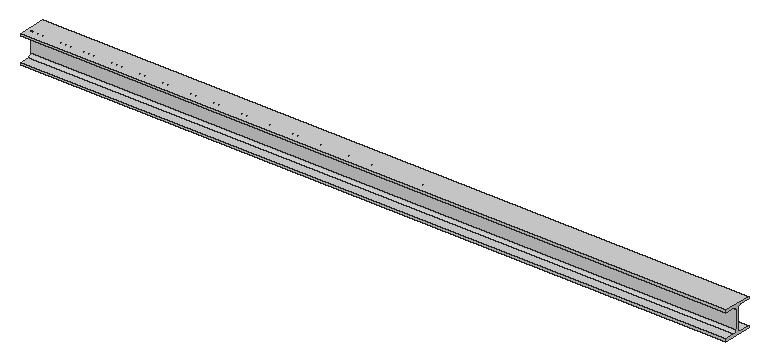
Revit family "H 型鋼樑", category 結構框架, Revit 2014
Parameters (values of type "H100x100")
  W = 0
  Structural Material [instance] = 金屬 - 輕型
  關鍵註記 = "05124"
  Length [instance] = 3000 mm
  Assembly Code = ""
  tw = 6 mm
  tf = 8 mm
  r = 10 mm
  H = 100 mm
  B = 100 mm
  A = 0.001 m²
Reference planes
  plane 1 "中心 (前/後)": y = 0
  plane 2 "中心立面": z = 0
  plane 3 "中心 (左/右)": x = 0
  plane 4 "左": x = -1500
  plane 5 "左成員": x = -1250
  plane 6 "左邊黏上符號": x = -1000
  plane 7 "右": x = 1500
  plane 8 "右成員": x = 1250
  plane 9 "右邊黏上符號": x = 1000
  plane 10: z = -100
Forms (mm)
  Extrusion 1, solid, material "金屬 - 輕型" <- "Structural Material", detail levels medium+fine
    sketch origin (0, 0, 0) x (0, 1, 0) y (0, 0, 1)
      loop
        line (50, 0) -> (-50, 0) -> (-50, -8) -> (-13, -8)
        arc (-13, -8) -> (-5.929, -10.929) -> (-3, -18) r 10
        line (-3, -18) -> (-3, -82)
        arc (-3, -82) -> (-5.929, -89.071) -> (-13, -92) r 10
        line (-13, -92) -> (-50, -92) -> (-50, -100) -> (50, -100) -> (50, -92) -> (13, -92)
        arc (13, -92) -> (5.929, -89.071) -> (3, -82) r 10
        line (3, -82) -> (3, -18)
        arc (3, -18) -> (5.929, -10.929) -> (13, -8) r 10
        line (13, -8) -> (50, -8) -> (50, 0)
    from -1250 to 1250
Lines and regions (mm)
  model lines, style "黏上符號", detail levels coarse
    curve 1: line (-1000, 0, 0) -> (1000, 0, 0)
Dimensions and locks
  equal spacing: plane 4 "左", plane 3 "中心 (左/右)", plane 7 "右"
  "Length": plane 4 "左" to plane 7 "右"
  "tf": Extrusion 1 sketch curve to Extrusion 1 sketch curve  (x4)
  "tw": Extrusion 1 sketch curve to Extrusion 1 sketch curve
  equal spacing: Extrusion 1 sketch curve, plane 1 "中心 (前/後)", Extrusion 1 sketch curve  (x3)
  "B": Extrusion 1 sketch curve to Extrusion 1 sketch curve  (x2)
  "H": plane 2 "中心立面" to plane 10
  "r": radius of Extrusion 1 sketch curve  (x4)
  aligned and locked: plane 5 "左成員" to Extrusion 1
  aligned and locked: Extrusion 1 to plane 8 "右成員"
  aligned and locked: plane 1 "中心 (前/後)" to curve 1
  aligned and locked: plane 6 "左邊黏上符號" to curve 1
  aligned and locked: plane 9 "右邊黏上符號" to curve 1
  aligned and locked: Extrusion 1 sketch curve to plane 10
Automatic sketch dimensions
  Extrusion 1 sketch curve to level = 0 mm
